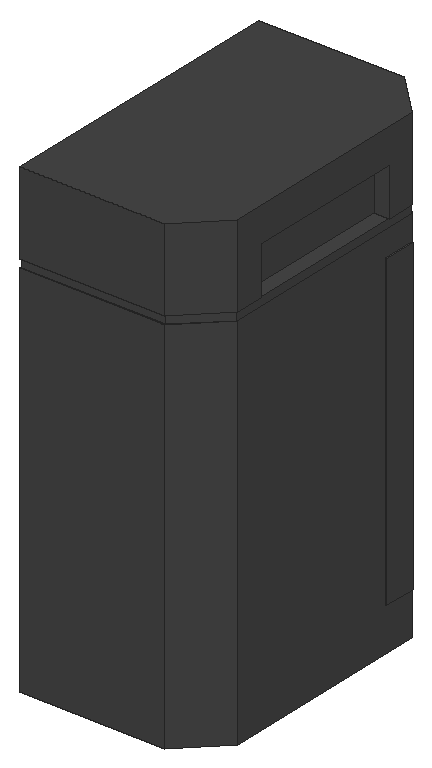
Revit family "SP4180_EUR_SDU_REVIT", category Mechanical Equipment, Revit 2014
Parameters (values of type "Standard")
  d40 = 0' - 0"
  d32 = 0' - 0"
  d28 = 0' - 0"
  d26 = 0' - 0"
  d23 = 0' - 0"
  d17 = 0' - 0"
  URL = "www.neptronic.com"
  Part Number = "SP4180_SDU_REVIT"
  Model = "SKE05 & SDU1"
  Manufacturer = "Neptronic"
  Extrusion_End_2 = -d32  # 0' - 0"
  Extrusion_End_1 = -d17  # 0' - 0"
  Designer = "Antoine"
  Design Status = 1
  Description = "Electric Resistive Humidifier with Steam Distribution Unit"
  Date Created = "2014-06-25 15:40:32"
  Connector_8_Width = 0' - 0"
  Connector_8_Height = 0' - 0"
  Connector_4_Diameter = 0' - 0"
  Connector_3_Diameter = 0' - 0"
  Connector_2_Diameter = 0' - 0"
  Author = "Antoine"
Reference planes (in)
  plane 1 "Center (Front/Back)": y = 0
  plane 2: z = 0
  plane 3 "Center (Left/Right)": x = 0
  plane 4: z = 28.01868
Forms (in)
  Sweep 1, solid
    path in 3D
      loop
        line (-2.17535, 8.63093, 28.01868) -> (-2.17535, 8.63093, 4.49868)
    profile origin (-2.17535, 8.63093, 28.01868) x (1, 0, 0) y (0, 1, 0)
      loop
        line (0, 18.50918) -> (0, 0) -> (8.99827, 0) -> (11.50019, 2.50192) -> (11.50019, 16.01644) -> (9.00745, 18.50918) -> (0, 18.50918)
  Extrusion 2, void
    sketch origin (-2.17535, 8.63093, 4.49868) x (0, -1, 0) y (-1, 0, 0)
      loop
        circle (-15.875, -8) r 0.4375
      loop
        circle (-15.875, -3.75) r 0.4375
      loop
        circle (-10.187, -2) r 0.439
      loop
        circle (-11.937, -2) r 0.5315
    from 0 to -0.25
  Extrusion 3, solid
    sketch origin (-2.17535, 8.63093, 4.49868) x (0, -1, 0) y (-1, 0, 0)
      loop
        circle (-4.125, -9.125) r 0.5315
    from 0 to 0.25
  Extrusion 4, solid
    sketch origin (-2.17535, 8.63093, 28.01868) x (0, -1, 0) y (1, 0, 0)
      loop
        line (-18.45918, 0.05) -> (-0.05, 0.05) -> (-0.05, 8.97756) -> (-2.52263, 11.45019) -> (-15.99573, 11.45019) -> (-18.45918, 8.98674) -> (-18.45918, 0.05)
    from 0 to 0.5
  Extrusion 5, solid
    sketch origin (-2.12535, 8.68093, 28.51868) x (1, 0, 0) y (0, 1, 0)
      loop
        line (8.95745, 18.45918) -> (-0.05, 18.45918) -> (-0.05, -0.05) -> (8.94827, -0.05) -> (11.45019, 2.45192) -> (11.45019, 15.96644) -> (8.95745, 18.45918)
    from 0 to 5.125
  Extrusion 6, void
    sketch origin (9.32484, 11.13285, 33.64368) x (0, 0, -1) y (0, 1, 0)
      loop
        line (5.125, 11.75726) -> (2.125, 11.75726) -> (2.125, 1.75726) -> (5.125, 1.75726) -> (5.125, 11.75726)
    from 0 to -1
  Extrusion 7, solid
    sketch origin (9.32484, 11.13285, 28.01868) x (0, 0, -1) y (0, 1, 0)
      loop
        line (20.75, 13.38952) -> (1.5, 13.38952) -> (1.5, 11.38952) -> (20.75, 11.38952) -> (20.75, 13.38952)
    from 0 to 0.125
Cuts and joins
  Extrusion 2, Extrusion 6 cuts Sweep 1
  Extrusion 6 cuts Extrusion 3
  Extrusion 6 cuts Extrusion 4
  Extrusion 6 cuts Extrusion 5
  joined: Sweep 1, Extrusion 3, Extrusion 4, Extrusion 5, Extrusion 7
Lines and regions (in)
  reference lines
    curve 1: line (-2.17535, 27.14011, 28.01868) -> (-2.17535, 8.63093, 28.01868)
    curve 2: line (-2.17535, 8.63093, 28.01868) -> (6.82292, 8.63093, 28.01868)
    curve 3: line (6.82292, 8.63093, 28.01868) -> (9.32484, 11.13285, 28.01868)
    curve 4: line (9.32484, 11.13285, 28.01868) -> (9.32484, 24.64737, 28.01868)
    curve 5: line (9.32484, 24.64737, 28.01868) -> (6.8321, 27.14011, 28.01868)
    curve 6: line (6.8321, 27.14011, 28.01868) -> (-2.17535, 27.14011, 28.01868)
    curve 7: line (-2.17535, 8.63093, 28.01868) -> (-2.17535, 8.63093, 4.49868)
    curve 8: line (-2.17535, 8.63093, 28.01868) -> (-2.17535, 8.63093, 4.49868)
    curve 10: circle (5.82465, 24.50593, 4.49868) r 0.4375 normal (0, 0, -1)
    curve 11: circle (1.57465, 24.50593, 4.49868) r 0.4375 normal (0, 0, -1)
    curve 12: circle (-0.17535, 18.81793, 4.49868) r 0.439 normal (0, 0, -1)
    curve 13: circle (-0.17535, 20.56793, 4.49868) r 0.5315 normal (0, 0, -1)
    curve 14: circle (6.94965, 12.75593, 4.49868) r 0.5315 normal (0, 0, -1)
    curve 15: line (-2.12535, 27.09011, 28.01868) -> (-2.12535, 8.68093, 28.01868)
    curve 16: line (-2.12535, 8.68093, 28.01868) -> (6.80221, 8.68093, 28.01868)
    curve 17: line (6.80221, 8.68093, 28.01868) -> (9.27484, 11.15356, 28.01868)
    curve 18: line (9.27484, 11.15356, 28.01868) -> (9.27484, 24.62666, 28.01868)
    curve 19: line (9.27484, 24.62666, 28.01868) -> (6.81139, 27.09011, 28.01868)
    curve 20: line (6.81139, 27.09011, 28.01868) -> (-2.12535, 27.09011, 28.01868)
    curve 21: line (6.8321, 27.14011, 28.51868) -> (-2.17535, 27.14011, 28.51868)
    curve 22: line (-2.17535, 27.14011, 28.51868) -> (-2.17535, 8.63093, 28.51868)
    curve 23: line (-2.17535, 8.63093, 28.51868) -> (6.82292, 8.63093, 28.51868)
    curve 24: line (6.82292, 8.63093, 28.51868) -> (9.32484, 11.13285, 28.51868)
    curve 25: line (9.32484, 11.13285, 28.51868) -> (9.32484, 24.64737, 28.51868)
    curve 26: line (9.32484, 24.64737, 28.51868) -> (6.8321, 27.14011, 28.51868)
    curve 27: line (9.32484, 22.89011, 28.51868) -> (9.32484, 22.89011, 31.51868)
    curve 28: line (9.32484, 22.89011, 31.51868) -> (9.32484, 12.89011, 31.51868)
    curve 29: line (9.32484, 12.89011, 31.51868) -> (9.32484, 12.89011, 28.51868)
    curve 30: line (9.32484, 12.89011, 28.51868) -> (9.32484, 22.89011, 28.51868)
    curve 31: line (9.32484, 24.52237, 26.51868) -> (9.32484, 24.52237, 7.26868)
    curve 32: line (9.32484, 22.52237, 26.51868) -> (9.32484, 24.52237, 26.51868)
    curve 33: line (9.32484, 22.52237, 7.26868) -> (9.32484, 22.52237, 26.51868)
    curve 34: line (9.32484, 24.52237, 7.26868) -> (9.32484, 22.52237, 7.26868)
  sketch lines
    curve 9: line (-2.17535, 8.63093, 28.01868) -> (-2.17535, 8.63093, 4.49868)
Dimensions and locks (in)
  aligned and locked: plane 2 to level
  aligned and locked: Sweep 1 sketch curve to curve 1
  aligned and locked: Sweep 1 sketch curve to curve 2
  aligned and locked: Sweep 1 sketch curve to curve 3
  aligned and locked: Sweep 1 sketch curve to curve 4
  aligned and locked: Sweep 1 sketch curve to curve 5
  aligned and locked: Sweep 1 sketch curve to curve 6
  aligned and locked: curve 9 to curve 7
  aligned and locked: Extrusion 2 sketch curve to curve 10  (x2)
  aligned and locked: Extrusion 2 sketch curve to curve 11  (x2)
  aligned and locked: Extrusion 2 sketch curve to curve 12  (x2)
  aligned and locked: Extrusion 2 sketch curve to curve 13  (x2)
  aligned and locked: Extrusion 3 sketch curve to curve 14  (x2)
  aligned and locked: Extrusion 4 sketch curve to curve 15
  aligned and locked: Extrusion 4 sketch curve to curve 16
  aligned and locked: Extrusion 4 sketch curve to curve 17
  aligned and locked: Extrusion 4 sketch curve to curve 18
  aligned and locked: Extrusion 4 sketch curve to curve 19
  aligned and locked: Extrusion 4 sketch curve to curve 20
  aligned and locked: Extrusion 5 sketch curve to curve 21
  aligned and locked: Extrusion 5 sketch curve to curve 22
  aligned and locked: Extrusion 5 sketch curve to curve 23
  aligned and locked: Extrusion 5 sketch curve to curve 24
  aligned and locked: Extrusion 5 sketch curve to curve 25
  aligned and locked: Extrusion 5 sketch curve to curve 26
  aligned and locked: Extrusion 6 sketch curve to curve 27
  aligned and locked: Extrusion 6 sketch curve to curve 28
  aligned and locked: Extrusion 6 sketch curve to curve 29
  aligned and locked: Extrusion 6 sketch curve to curve 30
  aligned and locked: Extrusion 7 sketch curve to curve 31
  aligned and locked: Extrusion 7 sketch curve to curve 32
  aligned and locked: Extrusion 7 sketch curve to curve 33
  aligned and locked: Extrusion 7 sketch curve to curve 34
Connectors (in)
  piping at (6.94965, 12.75593, 4.24868), driven by "Connector_2_Diameter"
    settings: on cut or joined group of Sweep 1, Extrusion 2, Extrusion 3, Extrusion 4, Extrusion 5, Extrusion 6, Extrusion 7, index 1, connector diameter 0", connector inside diameter 24", connector length 0' - 0", flow factor 0, pipe flow 0 GPM, pressure drop 0.00 psi, fitting loss kfactor 0, connector angle 0.00°, fixture units 0, engagement length 0' - 0", angle of deflection 0.00°, flow configuration 1, flow direction 1, fitting loss method 0, system type 20, joint type 0, gender type 0, connector reference index -1, connector utility 0, adjustable connector no, is connector primary yes, connector description "Water Inlet Male 3/4'' G"
  piping at (-0.17535, 20.56793, 4.49868), driven by "Connector_3_Diameter"
    settings: on cut or joined group of Sweep 1, Extrusion 2, Extrusion 3, Extrusion 4, Extrusion 5, Extrusion 6, Extrusion 7, index 2, connector diameter 0", connector inside diameter 24", connector length 0' - 0", flow factor 0, pipe flow 0 GPM, pressure drop 0.00 psi, fitting loss kfactor 0, connector angle 0.00°, fixture units 0, engagement length 0' - 0", angle of deflection 0.00°, flow configuration 1, flow direction 2, fitting loss method 0, system type 16, joint type 0, gender type 0, connector reference index -1, connector utility 0, adjustable connector no, is connector primary no, connector description "Main drain 3/4''"
  piping at (-0.17535, 18.81793, 4.49868), driven by "Connector_4_Diameter"
    settings: on cut or joined group of Sweep 1, Extrusion 2, Extrusion 3, Extrusion 4, Extrusion 5, Extrusion 6, Extrusion 7, index 3, connector diameter 0", connector inside diameter 24", connector length 0' - 0", flow factor 0, pipe flow 0 GPM, pressure drop 0.00 psi, fitting loss kfactor 0, connector angle 0.00°, fixture units 0, engagement length 0' - 0", angle of deflection 0.00°, flow configuration 1, flow direction 2, fitting loss method 0, system type 16, joint type 0, gender type 0, connector reference index -1, connector utility 0, adjustable connector no, is connector primary no, connector description "Pan Drip drain outlet 1/2''"
  electrical at (1.57465, 24.50593, 4.49868)
    settings: on cut or joined group of Sweep 1, Extrusion 2, Extrusion 3, Extrusion 4, Extrusion 5, Extrusion 6, Extrusion 7, index 4, voltage 0 V, apparent load 0 VA, apparent load phase1 0 VA, apparent load phase2 0 VA, apparent load phase3 0 VA, power factor 1, load classification "Other", number of poles 1, system type 13, power factor state 1, is connector primary yes, connector utility no, sub classification motor no, connector description "Low volt control inlet (KO)"
  electrical at (5.82465, 24.50593, 4.49868)
    settings: on cut or joined group of Sweep 1, Extrusion 2, Extrusion 3, Extrusion 4, Extrusion 5, Extrusion 6, Extrusion 7, index 5, voltage 0 V, apparent load 0 VA, apparent load phase1 0 VA, apparent load phase2 0 VA, apparent load phase3 0 VA, power factor 0, load classification "Other", number of poles 1, system type 30, power factor state 1, is connector primary no, connector utility no, sub classification motor no, connector description "Power supply inlet (KO)"
  hvac at (8.32484, 17.89011, 30.01868), driven by "Connector_8_Height", driven by "Connector_8_Width"
    settings: on cut or joined group of Sweep 1, Extrusion 2, Extrusion 3, Extrusion 4, Extrusion 5, Extrusion 6, Extrusion 7, index 6, duct flow 0 CFM, flow factor 0, pres drop 0.00 in-wg, loss coef 0, conn angle 0.00°, conn width 0", conn height 0", conn diameter 24", duct sys type 29, conn prof type 1, flow config 1, flow direction 2, loss method 0, conn ref index -1, conn util no, is conn primary yes, conn desc "Steam & air distribution"
